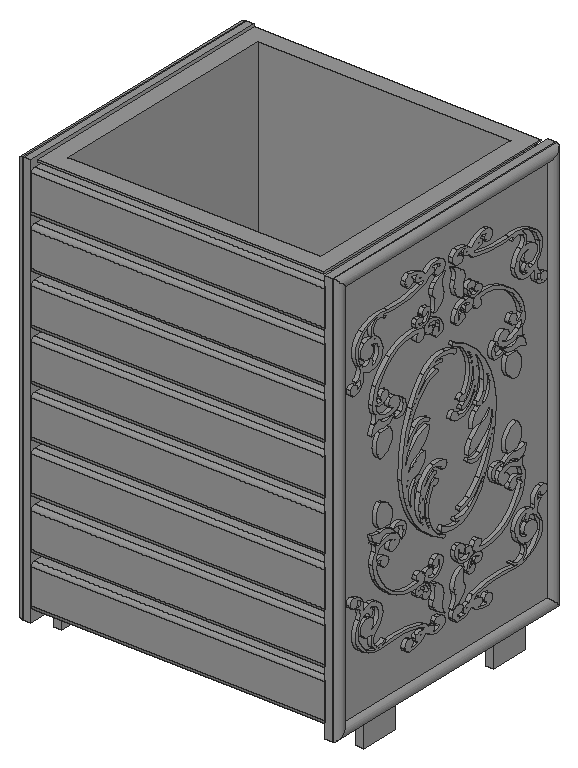
Revit family "Урна чугунная «Ампир КОМБИ-2» Арт 7292", category Антураж, Revit 2018 (continued)
Forms (mm)
  Extrusion 12, solid, material "Золото" <- "Цвет декоративных элементов"
    sketch origin (0, 0, 0) x (0, 1, 0) y (0, 0, 1)
      loop
        arc (30.147, 171.802) -> (36.117, 165.234) -> (35.675, 156.37) r 11.567
        arc (35.675, 156.37) -> (29.215, 136.105) -> (40.386, 118.006) r 25.466
        arc (40.386, 118.006) -> (59.816, 109.964) -> (80.846, 109.894) r 54.384
        arc (80.846, 109.894) -> (108.049, 109.924) -> (134.833, 105.171) r 154.094
        arc (134.833, 105.171) -> (137.639, 103.484) -> (139.136, 100.571) r 5.979
        arc (139.136, 100.571) -> (133.727, 100.749) -> (128.473, 99.451) r 19.74
        arc (128.473, 99.451) -> (126.263, 97.962) -> (125.441, 95.428) r 4.083
        arc (125.441, 95.428) -> (127.653, 91.524) -> (132.132, 91.247) r 4.708
        arc (132.132, 91.247) -> (123.476, 88.21) -> (114.343, 89.063) r 21.472
        arc (114.343, 89.063) -> (118.042, 89.368) -> (120.743, 91.912) r 5.621
        arc (120.743, 91.912) -> (120.167, 96.732) -> (115.914, 99.072) r 5.313
        arc (115.914, 99.072) -> (110.306, 96.315) -> (109.416, 90.129) r 6.696
        arc (109.416, 90.129) -> (112.371, 86.253) -> (117.025, 84.802) r 8.023
        arc (117.025, 84.802) -> (130.935, 87.621) -> (142.753, 95.481) r 36.903
        arc (142.753, 95.481) -> (153.13, 89.094) -> (165.289, 88.306) r 25.27
        arc (165.289, 88.306) -> (169.343, 90.163) -> (172.003, 93.742) r 8.978
        arc (172.003, 93.742) -> (172.483, 98.226) -> (170.498, 102.275) r 8.121
        arc (170.498, 102.275) -> (165.988, 105.131) -> (160.652, 105.273) r 10.042
        arc (160.652, 105.273) -> (157.988, 103.822) -> (157.069, 100.932) r 4.066
        arc (157.069, 100.932) -> (161.342, 96.449) -> (166.573, 99.765) r 4.881
      loop
        arc (138.034, 97.051) -> (133.963, 97.023) -> (130.041, 95.928) r 15.378
        arc (130.041, 95.928) -> (129.634, 95.261) -> (130.13, 94.656) r 0.675
        arc (130.13, 94.656) -> (134.164, 95.584) -> (138.034, 97.051) r 30.347
      loop
        line (146.348, 98.208) -> (150.895, 95.648)
        arc (150.895, 95.648) -> (151.643, 95.958) -> (151.953, 96.706) r 1.058
        arc (151.953, 96.706) -> (149.322, 98.097) -> (146.348, 98.208) r 6.689
    from 0 to -6.5
  Extrusion 13, solid, material "Золото" <- "Цвет декоративных элементов"
    sketch origin (400, 0, 0) x (0, 1, 0) y (0, 0, -1)
      loop
        arc (185.834, -498.716) -> (192.995, -494.928) -> (199.638, -490.29) r 65.913
        arc (199.638, -490.29) -> (202.217, -488.112) -> (204.077, -485.294) r 11.837
        arc (204.077, -485.294) -> (204.979, -481.044) -> (203.888, -476.838) r 9.476
        arc (203.888, -476.838) -> (201.532, -467.31) -> (203.888, -457.781) r 20.439
        arc (203.888, -457.781) -> (190.445, -465.776) -> (189.206, -481.368) r 17.017
        arc (189.206, -481.368) -> (190.016, -490.527) -> (185.834, -498.716) r 16.622
      loop
        arc (172.569, -500.722) -> (168.386, -492.534) -> (169.197, -483.375) r 16.622
        arc (169.197, -483.375) -> (167.958, -467.782) -> (154.514, -459.788) r 17.017
        arc (154.514, -459.788) -> (156.871, -469.316) -> (154.514, -478.844) r 20.439
        arc (154.514, -478.844) -> (153.424, -483.05) -> (154.325, -487.3) r 9.476
        arc (154.325, -487.3) -> (156.185, -490.118) -> (158.765, -492.296) r 11.837
        arc (158.765, -492.296) -> (165.407, -496.934) -> (172.569, -500.722) r 65.913
      loop
        arc (185.834, -103.188) -> (190.016, -111.377) -> (189.206, -120.536) r 16.622
        arc (189.206, -120.536) -> (190.445, -136.128) -> (203.888, -144.123) r 17.017
        arc (203.888, -144.123) -> (201.532, -134.595) -> (203.888, -125.067) r 20.439
        arc (203.888, -125.067) -> (204.979, -120.861) -> (204.077, -116.61) r 9.476
        arc (204.077, -116.61) -> (202.217, -113.793) -> (199.638, -111.615) r 11.837
        arc (199.638, -111.615) -> (192.995, -106.977) -> (185.834, -103.188) r 65.913
      loop
        arc (172.569, -105.195) -> (165.407, -108.983) -> (158.765, -113.621) r 65.913
        arc (158.765, -113.621) -> (156.185, -115.799) -> (154.325, -118.617) r 11.837
        arc (154.325, -118.617) -> (153.424, -122.867) -> (154.514, -127.073) r 9.476
        arc (154.514, -127.073) -> (156.871, -136.601) -> (154.514, -146.129) r 20.439
        arc (154.514, -146.129) -> (167.958, -138.135) -> (169.197, -122.543) r 17.017
        arc (169.197, -122.543) -> (168.386, -113.383) -> (172.569, -105.195) r 16.622
      loop
        arc (288.533, -356.732) -> (295.925, -341.781) -> (289.338, -326.459) r 19.893
        arc (289.338, -326.459) -> (273.247, -337.794) -> (273.794, -357.469) r 20.816
        line (273.794, -357.469) -> (288.533, -356.732)
      loop
        line (69.775, -358.734) -> (84.514, -359.471)
        arc (84.514, -359.471) -> (85.061, -339.795) -> (68.97, -328.46) r 20.816
        arc (68.97, -328.46) -> (62.383, -343.783) -> (69.775, -358.734) r 19.893
      loop
        line (288.533, -245.172) -> (273.794, -244.435)
        arc (273.794, -244.435) -> (273.247, -264.111) -> (289.338, -275.446) r 20.816
        arc (289.338, -275.446) -> (295.925, -260.123) -> (288.533, -245.172) r 19.893
      loop
        arc (69.775, -247.203) -> (62.383, -262.154) -> (68.97, -277.476) r 19.893
        arc (68.97, -277.476) -> (85.061, -266.141) -> (84.514, -246.466) r 20.816
        line (84.514, -246.466) -> (69.775, -247.203)
    from 0 to -6.5
  Extrusion 14, solid, material "Золото" <- "Цвет декоративных элементов"
    sketch origin (400, 0, 0) x (0, 1, 0) y (0, 0, -1)
      loop
        arc (188.489, -410.517) -> (235.161, -372.796) -> (254.524, -315.995) r 108.1
        arc (254.524, -315.995) -> (251.687, -276.85) -> (239.653, -239.492) r 164.429
        arc (239.653, -239.492) -> (230.701, -223.508) -> (219.336, -209.138) r 115.623
        arc (219.336, -209.138) -> (203.402, -198.482) -> (184.38, -196.114) r 41.54
        arc (184.38, -196.114) -> (176.084, -197.804) -> (168.236, -200.982) r 46.112
        arc (168.236, -200.982) -> (167.828, -204.662) -> (171.504, -205.105) r 2.631
        arc (171.504, -205.105) -> (195.424, -200.089) -> (217.42, -210.743) r 37.836
        arc (217.42, -210.743) -> (205.078, -203.437) -> (190.749, -202.812) r 29.514
        arc (190.749, -202.812) -> (189.966, -204.817) -> (191.855, -205.85) r 1.63
        arc (191.855, -205.85) -> (202.756, -205.597) -> (212.912, -209.563) r 27.757
        arc (212.912, -209.563) -> (219.793, -215.81) -> (225.746, -222.947) r 67.11
        arc (225.746, -222.947) -> (230.623, -229.503) -> (235.115, -236.329) r 141.91
        arc (235.115, -236.329) -> (239.072, -244.697) -> (242.409, -253.332) r 127.117
        arc (242.409, -253.332) -> (233.254, -236.355) -> (220.432, -221.946) r 83.116
        arc (220.432, -221.946) -> (210.391, -215.087) -> (198.94, -210.995) r 47.61
        arc (198.94, -210.995) -> (197.4, -213.516) -> (199.113, -215.922) r 2.681
        arc (199.113, -215.922) -> (206.198, -217.594) -> (212.567, -221.118) r 26.678
        arc (212.567, -221.118) -> (221.078, -228.344) -> (228.634, -236.565) r 90.453
        arc (228.634, -236.565) -> (237.536, -249.763) -> (243.987, -264.317) r 90.453
        arc (243.987, -264.317) -> (247.238, -275.43) -> (249.49, -286.787) r 130.245
        arc (249.49, -286.787) -> (243.273, -274.088) -> (234.153, -263.284) r 57.635
        arc (234.153, -263.284) -> (222.61, -258.595) -> (210.847, -262.701) r 17.644
        arc (210.847, -262.701) -> (211.061, -264.538) -> (212.898, -264.752) r 1.49
        arc (212.898, -264.752) -> (221.648, -262.267) -> (230.397, -264.752) r 16.645
        arc (230.397, -264.752) -> (238.715, -274.16) -> (245.092, -284.978) r 65.726
        arc (245.092, -284.978) -> (249.832, -301.49) -> (249.227, -318.658) r 54.798
        arc (249.227, -318.658) -> (247.778, -302.209) -> (240.29, -287.491) r 43.404
        arc (240.29, -287.491) -> (227.197, -276.096) -> (210.782, -270.455) r 45.344
        arc (210.782, -270.455) -> (212.48, -278.436) -> (217.042, -285.202) r 21.403
        arc (217.042, -285.202) -> (224.986, -293.247) -> (234.909, -298.666) r 38.861
        arc (234.909, -298.666) -> (242.198, -303.891) -> (245.794, -312.107) r 16.924
        arc (245.794, -312.107) -> (247.669, -320.673) -> (248.31, -329.418) r 61.704
        arc (248.31, -329.418) -> (245.991, -317.552) -> (239.416, -307.405) r 31.856
        arc (239.416, -307.405) -> (229.432, -300.393) -> (217.544, -297.648) r 31.856
        arc (217.544, -297.648) -> (218.511, -307.216) -> (223.92, -315.168) r 19.57
        arc (223.92, -315.168) -> (230.108, -319.229) -> (237.197, -321.359) r 25.71
        arc (237.197, -321.359) -> (243.906, -329.142) -> (245.201, -339.336) r 17.815
        arc (245.201, -339.336) -> (242.091, -350.503) -> (236.715, -360.772) r 55.11
        arc (236.715, -360.772) -> (240.292, -341.328) -> (232.751, -323.053) r 34.961
        arc (232.751, -323.053) -> (229.353, -321.046) -> (225.474, -321.77) r 5.614
        arc (225.474, -321.77) -> (224.872, -324.212) -> (227.313, -324.813) r 1.778
        arc (227.313, -324.813) -> (234.595, -334.411) -> (236.441, -346.316) r 24.58
        arc (236.441, -346.316) -> (232.996, -366.537) -> (221.007, -383.181) r 45.422
        arc (221.007, -383.181) -> (227.209, -363.314) -> (224.552, -342.672) r 48.714
        arc (224.552, -342.672) -> (217.056, -328.388) -> (203.331, -319.915) r 30.542
        arc (203.331, -319.915) -> (194.141, -319.19) -> (185.437, -322.223) r 22.421
        arc (185.437, -322.223) -> (185.371, -330.312) -> (192.613, -326.707) r 4.746
        arc (192.613, -326.707) -> (201.797, -322.896) -> (210.981, -326.707) r 12.971
        arc (210.981, -326.707) -> (218.724, -336.997) -> (223.347, -349.017) r 46.482
        arc (223.347, -349.017) -> (224.46, -362.615) -> (221.595, -375.955) r 46.708
        arc (221.595, -375.955) -> (223.725, -362.258) -> (221.595, -348.561) r 45.101
        arc (221.595, -348.561) -> (214.601, -336.118) -> (203.252, -327.46) r 35.314
        arc (203.252, -327.46) -> (200.124, -328.556) -> (201.221, -331.684) r 2.344
        arc (201.221, -331.684) -> (211.299, -339.311) -> (217.619, -350.256) r 31.864
        arc (217.619, -350.256) -> (218.761, -373.766) -> (207.428, -394.396) r 43.27
        arc (207.428, -394.396) -> (216.855, -367.231) -> (207.428, -340.067) r 43.852
        arc (207.428, -340.067) -> (202.014, -337.442) -> (196.6, -340.067) r 6.897
        arc (196.6, -340.067) -> (199.696, -344.278) -> (204.775, -343.042) r 4.713
        arc (204.775, -343.042) -> (213.053, -373.592) -> (198.087, -401.482) r 42.82
        arc (198.087, -401.482) -> (192.489, -405.274) -> (186.227, -407.822) r 32.432
        arc (186.227, -407.822) -> (186.293, -410.063) -> (188.489, -410.517) r 1.808
      loop
        arc (169.948, -193.377) -> (123.275, -231.098) -> (103.912, -287.899) r 108.1
        arc (103.912, -287.899) -> (106.749, -327.044) -> (118.783, -364.402) r 164.429
        arc (118.783, -364.402) -> (127.736, -380.386) -> (139.101, -394.756) r 115.623
        arc (139.101, -394.756) -> (155.034, -405.412) -> (174.056, -407.78) r 41.54
        arc (174.056, -407.78) -> (182.353, -406.09) -> (190.2, -402.912) r 46.112
        arc (190.2, -402.912) -> (190.608, -399.232) -> (186.932, -398.789) r 2.631
        arc (186.932, -398.789) -> (163.012, -403.805) -> (141.017, -393.151) r 37.836
        arc (141.017, -393.151) -> (153.358, -400.457) -> (167.687, -401.082) r 29.514
        arc (167.687, -401.082) -> (168.47, -399.077) -> (166.581, -398.044) r 1.63
        arc (166.581, -398.044) -> (155.681, -398.297) -> (145.524, -394.331) r 27.757
        arc (145.524, -394.331) -> (138.643, -388.084) -> (132.691, -380.947) r 67.11
        arc (132.691, -380.947) -> (127.813, -374.391) -> (123.321, -367.565) r 141.91
        arc (123.321, -367.565) -> (119.364, -359.197) -> (116.027, -350.562) r 127.117
        arc (116.027, -350.562) -> (125.182, -367.539) -> (138.004, -381.948) r 83.116
        arc (138.004, -381.948) -> (148.045, -388.807) -> (159.496, -392.899) r 47.61
        arc (159.496, -392.899) -> (161.036, -390.378) -> (159.323, -387.972) r 2.681
        arc (159.323, -387.972) -> (152.239, -386.3) -> (145.87, -382.777) r 26.678
        arc (145.87, -382.777) -> (137.359, -375.55) -> (129.803, -367.329) r 90.453
        arc (129.803, -367.329) -> (120.9, -354.131) -> (114.449, -339.577) r 90.453
        arc (114.449, -339.577) -> (111.198, -328.464) -> (108.947, -317.107) r 130.245
        arc (108.947, -317.107) -> (115.163, -329.806) -> (124.284, -340.61) r 57.635
        arc (124.284, -340.61) -> (135.316, -345.278) -> (146.788, -341.825) r 17.644
        arc (146.788, -341.825) -> (147.673, -339.781) -> (145.538, -339.142) r 1.49
        arc (145.538, -339.142) -> (136.789, -341.627) -> (128.039, -339.142) r 16.645
        arc (128.039, -339.142) -> (119.721, -329.734) -> (113.344, -318.916) r 65.726
        arc (113.344, -318.916) -> (108.604, -302.404) -> (109.209, -285.236) r 54.798
        arc (109.209, -285.236) -> (110.658, -301.685) -> (118.146, -316.403) r 43.404
        arc (118.146, -316.403) -> (131.239, -327.798) -> (147.654, -333.439) r 45.344
        arc (147.654, -333.439) -> (145.956, -325.458) -> (141.394, -318.692) r 21.403
        arc (141.394, -318.692) -> (133.451, -310.647) -> (123.527, -305.228) r 38.861
        arc (123.527, -305.228) -> (116.238, -300.003) -> (112.642, -291.787) r 16.924
        arc (112.642, -291.787) -> (110.768, -283.221) -> (110.126, -274.476) r 61.704
        arc (110.126, -274.476) -> (112.446, -286.342) -> (119.02, -296.489) r 31.856
        arc (119.02, -296.489) -> (129.004, -303.501) -> (140.893, -306.246) r 31.856
        arc (140.893, -306.246) -> (139.925, -296.678) -> (134.516, -288.726) r 19.57
        arc (134.516, -288.726) -> (128.328, -284.665) -> (121.24, -282.535) r 25.71
        arc (121.24, -282.535) -> (114.53, -274.752) -> (113.236, -264.558) r 17.815
        arc (113.236, -264.558) -> (116.345, -253.392) -> (121.721, -243.123) r 55.11
        arc (121.721, -243.123) -> (118.144, -262.566) -> (125.686, -280.841) r 34.961
        arc (125.686, -280.841) -> (129.083, -282.848) -> (132.963, -282.124) r 5.614
        arc (132.963, -282.124) -> (133.564, -279.682) -> (131.123, -279.081) r 1.778
        arc (131.123, -279.081) -> (123.842, -269.483) -> (121.996, -257.578) r 24.58
        arc (121.996, -257.578) -> (125.44, -237.357) -> (137.429, -220.713) r 45.422
        arc (137.429, -220.713) -> (131.228, -240.58) -> (133.885, -261.222) r 48.714
        arc (133.885, -261.222) -> (141.38, -275.506) -> (155.106, -283.979) r 30.542
        arc (155.106, -283.979) -> (164.295, -284.705) -> (172.999, -281.672) r 22.421
        arc (172.999, -281.672) -> (173.065, -273.582) -> (165.823, -277.187) r 4.746
        arc (165.823, -277.187) -> (156.639, -280.998) -> (147.456, -277.187) r 12.971
        arc (147.456, -277.187) -> (139.712, -266.897) -> (135.089, -254.877) r 46.482
        arc (135.089, -254.877) -> (133.977, -241.279) -> (136.841, -227.94) r 46.708
        arc (136.841, -227.94) -> (134.711, -241.636) -> (136.841, -255.333) r 45.101
        arc (136.841, -255.333) -> (143.836, -267.776) -> (155.184, -276.434) r 35.314
        arc (155.184, -276.434) -> (158.312, -275.338) -> (157.216, -272.21) r 2.344
        arc (157.216, -272.21) -> (147.138, -264.583) -> (140.818, -253.638) r 31.864
        arc (140.818, -253.638) -> (139.675, -230.128) -> (151.008, -209.499) r 43.27
        arc (151.008, -209.499) -> (141.581, -236.663) -> (151.008, -263.827) r 43.852
        arc (151.008, -263.827) -> (156.422, -266.452) -> (161.837, -263.827) r 6.897
        arc (161.837, -263.827) -> (158.74, -259.616) -> (153.662, -260.852) r 4.713
        arc (153.662, -260.852) -> (145.383, -230.302) -> (160.349, -202.412) r 42.82
        arc (160.349, -202.412) -> (165.947, -198.62) -> (172.209, -196.072) r 32.432
        arc (172.209, -196.072) -> (172.143, -193.831) -> (169.948, -193.377) r 1.808
    from 0 to -6.5
  Extrusion 15, solid, material "Золото" <- "Цвет декоративных элементов"
    sketch origin (400, 0, 0) x (0, 1, 0) y (0, 0, -1)
      loop
        arc (297.658, -380.706) -> (296.519, -375.21) -> (299.634, -370.54) r 7.27
        arc (299.634, -370.54) -> (295.629, -372.783) -> (291.332, -374.397) r 30.386
        arc (291.332, -374.397) -> (277.339, -369.755) -> (262.926, -372.854) r 28.032
        arc (262.926, -372.854) -> (259.974, -384.94) -> (271.549, -389.503) r 9.462
        arc (271.549, -389.503) -> (275.459, -383.961) -> (271.549, -378.419) r 5.883
        arc (271.549, -378.419) -> (267.679, -379.011) -> (266.043, -382.568) r 4.13
        arc (266.043, -382.568) -> (264.941, -380.175) -> (266.043, -377.782) r 3.15
        arc (266.043, -377.782) -> (280.194, -374.592) -> (293.153, -381.11) r 21.515
        arc (293.153, -381.11) -> (296.688, -386.491) -> (298.103, -392.771) r 18.005
        arc (298.103, -392.771) -> (288.521, -388.817) -> (278.938, -392.771) r 13.587
        arc (278.938, -392.771) -> (276.944, -398.545) -> (281.558, -402.548) r 5.454
        arc (281.558, -402.548) -> (285.643, -401.638) -> (288.252, -398.365) r 6.287
        arc (288.252, -398.365) -> (288.11, -395.25) -> (285.865, -393.084) r 4.215
        arc (285.865, -393.084) -> (292.82, -392.061) -> (296.507, -398.047) r 6.391
        arc (296.507, -398.047) -> (271.474, -435.66) -> (227.222, -444.78) r 59.397
        arc (227.222, -444.78) -> (226.078, -444.274) -> (225.276, -443.313) r 2.751
        arc (225.276, -443.313) -> (230.494, -441.702) -> (230.223, -436.248) r 4.45
        arc (230.223, -436.248) -> (226.649, -434.767) -> (222.845, -435.473) r 6.807
        arc (222.845, -435.473) -> (219.595, -438.452) -> (218.342, -442.679) r 8.254
        arc (218.342, -442.679) -> (219.954, -447.234) -> (224.16, -449.613) r 6.896
        arc (224.16, -449.613) -> (250.454, -448.69) -> (274.492, -437.993) r 69.005
        arc (274.492, -437.993) -> (286.919, -426.807) -> (296.266, -412.945) r 68.502
        arc (296.266, -412.945) -> (299.973, -403.389) -> (301.69, -393.284) r 50.895
        arc (301.69, -393.284) -> (300.594, -386.7) -> (297.658, -380.706) r 23.053
      loop
        arc (60.741, -382.713) -> (57.805, -388.707) -> (56.709, -395.291) r 23.053
        arc (56.709, -395.291) -> (58.426, -405.396) -> (62.133, -414.951) r 50.895
        arc (62.133, -414.951) -> (71.48, -428.814) -> (83.907, -440) r 68.502
        arc (83.907, -440) -> (107.945, -450.697) -> (134.239, -451.62) r 69.005
        arc (134.239, -451.62) -> (138.445, -449.241) -> (140.057, -444.686) r 6.896
        arc (140.057, -444.686) -> (138.804, -440.459) -> (135.554, -437.48) r 8.254
        arc (135.554, -437.48) -> (131.75, -436.774) -> (128.177, -438.255) r 6.807
        arc (128.177, -438.255) -> (127.906, -443.709) -> (133.123, -445.32) r 4.45
        arc (133.123, -445.32) -> (132.321, -446.281) -> (131.177, -446.787) r 2.751
        arc (131.177, -446.787) -> (86.925, -437.666) -> (61.892, -400.053) r 59.397
        arc (61.892, -400.053) -> (65.579, -394.068) -> (72.534, -395.091) r 6.391
        arc (72.534, -395.091) -> (70.289, -397.256) -> (70.147, -400.372) r 4.215
        arc (70.147, -400.372) -> (72.756, -403.645) -> (76.841, -404.555) r 6.287
        arc (76.841, -404.555) -> (81.455, -400.552) -> (79.461, -394.778) r 5.454
        arc (79.461, -394.778) -> (69.878, -390.823) -> (60.296, -394.778) r 13.587
        arc (60.296, -394.778) -> (61.711, -388.498) -> (65.246, -383.117) r 18.005
        arc (65.246, -383.117) -> (78.205, -376.599) -> (92.356, -379.788) r 21.515
        arc (92.356, -379.788) -> (93.458, -382.182) -> (92.356, -384.575) r 3.15
        arc (92.356, -384.575) -> (90.72, -381.018) -> (86.85, -380.426) r 4.13
        arc (86.85, -380.426) -> (82.94, -385.968) -> (86.85, -391.51) r 5.883
        arc (86.85, -391.51) -> (98.425, -386.947) -> (95.473, -374.861) r 9.462
        arc (95.473, -374.861) -> (81.06, -371.762) -> (67.067, -376.404) r 28.032
        arc (67.067, -376.404) -> (62.77, -374.79) -> (58.765, -372.547) r 30.386
        arc (58.765, -372.547) -> (61.88, -377.217) -> (60.741, -382.713) r 7.27
      loop
        arc (297.658, -221.199) -> (300.594, -215.204) -> (301.69, -208.62) r 23.053
        arc (301.69, -208.62) -> (299.973, -198.516) -> (296.266, -188.96) r 50.895
        arc (296.266, -188.96) -> (286.919, -175.097) -> (274.492, -163.912) r 68.502
        arc (274.492, -163.912) -> (250.454, -153.214) -> (224.16, -152.292) r 69.005
        arc (224.16, -152.292) -> (219.954, -154.67) -> (218.342, -159.225) r 6.896
        arc (218.342, -159.225) -> (219.595, -163.452) -> (222.845, -166.431) r 8.254
        arc (222.845, -166.431) -> (226.649, -167.137) -> (230.223, -165.656) r 6.807
        arc (230.223, -165.656) -> (230.494, -160.202) -> (225.276, -158.591) r 4.45
        arc (225.276, -158.591) -> (226.078, -157.631) -> (227.222, -157.125) r 2.751
        arc (227.222, -157.125) -> (271.474, -166.245) -> (296.507, -203.858) r 59.397
        arc (296.507, -203.858) -> (292.82, -209.843) -> (285.865, -208.82) r 6.391
        arc (285.865, -208.82) -> (288.11, -206.655) -> (288.252, -203.539) r 4.215
        arc (288.252, -203.539) -> (285.643, -200.266) -> (281.558, -199.356) r 6.287
        arc (281.558, -199.356) -> (276.944, -203.359) -> (278.938, -209.133) r 5.454
        arc (278.938, -209.133) -> (288.521, -213.088) -> (298.103, -209.133) r 13.587
        arc (298.103, -209.133) -> (296.688, -215.413) -> (293.153, -220.794) r 18.005
        arc (293.153, -220.794) -> (280.194, -227.312) -> (266.043, -224.123) r 21.515
        arc (266.043, -224.123) -> (264.941, -221.73) -> (266.043, -219.337) r 3.15
        arc (266.043, -219.337) -> (267.679, -222.893) -> (271.549, -223.486) r 4.13
        arc (271.549, -223.486) -> (275.459, -217.944) -> (271.549, -212.401) r 5.883
        arc (271.549, -212.401) -> (259.974, -216.964) -> (262.926, -229.051) r 9.462
        arc (262.926, -229.051) -> (277.339, -232.15) -> (291.332, -227.507) r 28.032
        arc (291.332, -227.507) -> (295.629, -229.121) -> (299.634, -231.364) r 30.386
        arc (299.634, -231.364) -> (296.519, -226.695) -> (297.658, -221.199) r 7.27
      loop
        arc (60.741, -223.208) -> (61.88, -228.704) -> (58.765, -233.373) r 7.27
        arc (58.765, -233.373) -> (62.77, -231.13) -> (67.067, -229.516) r 30.386
        arc (67.067, -229.516) -> (81.06, -234.159) -> (95.473, -231.06) r 28.032
        arc (95.473, -231.06) -> (98.425, -218.973) -> (86.85, -214.411) r 9.462
        arc (86.85, -214.411) -> (82.94, -219.953) -> (86.85, -225.495) r 5.883
        arc (86.85, -225.495) -> (90.72, -224.902) -> (92.356, -221.346) r 4.13
        arc (92.356, -221.346) -> (93.458, -223.739) -> (92.356, -226.132) r 3.15
        arc (92.356, -226.132) -> (78.205, -229.322) -> (65.246, -222.803) r 21.515
        arc (65.246, -222.803) -> (61.711, -217.423) -> (60.296, -211.142) r 18.005
        arc (60.296, -211.142) -> (69.878, -215.097) -> (79.461, -211.142) r 13.587
        arc (79.461, -211.142) -> (81.455, -205.369) -> (76.841, -201.366) r 5.454
        arc (76.841, -201.366) -> (72.756, -202.276) -> (70.147, -205.548) r 6.287
        arc (70.147, -205.548) -> (70.289, -208.664) -> (72.534, -210.83) r 4.215
        arc (72.534, -210.83) -> (65.579, -211.852) -> (61.892, -205.867) r 6.391
        arc (61.892, -205.867) -> (86.925, -168.254) -> (131.177, -159.134) r 59.397
        arc (131.177, -159.134) -> (132.321, -159.64) -> (133.123, -160.601) r 2.751
        arc (133.123, -160.601) -> (127.906, -162.211) -> (128.177, -167.665) r 4.45
        arc (128.177, -167.665) -> (131.75, -169.146) -> (135.554, -168.441) r 6.807
        arc (135.554, -168.441) -> (138.804, -165.462) -> (140.057, -161.235) r 8.254
        arc (140.057, -161.235) -> (138.445, -156.68) -> (134.239, -154.301) r 6.896
        arc (134.239, -154.301) -> (107.945, -155.224) -> (83.907, -165.921) r 69.005
        arc (83.907, -165.921) -> (71.48, -177.106) -> (62.133, -190.969) r 68.502
        arc (62.133, -190.969) -> (58.426, -200.525) -> (56.709, -210.63) r 50.895
        arc (56.709, -210.63) -> (57.805, -217.214) -> (60.741, -223.208) r 23.053
    from 0 to -6.5
  Extrusion 16, solid, material "Золото" <- "Цвет декоративных элементов"
    sketch origin (400, 0, 0) x (0, 1, 0) y (0, 0, -1)
      loop
        arc (215.256, -464.397) -> (214.528, -465.751) -> (213.1, -465.182) r 1.155
        arc (213.1, -465.182) -> (212.862, -457.523) -> (218.536, -452.373) r 9.143
        arc (218.536, -452.373) -> (224.588, -452.35) -> (229.592, -455.753) r 10.217
        arc (229.592, -455.753) -> (228.706, -457.112) -> (227.26, -456.378) r 1.214
        arc (227.26, -456.378) -> (224.048, -455.389) -> (221.676, -457.77) r 3.251
        arc (221.676, -457.77) -> (221.855, -459.581) -> (223.127, -460.882) r 2.742
        arc (223.127, -460.882) -> (226.169, -461.675) -> (229.276, -461.204) r 7.801
        arc (229.276, -461.204) -> (231.638, -459.512) -> (232.802, -456.85) r 5.478
        arc (232.802, -456.85) -> (232.5, -453.91) -> (230.842, -451.464) r 6.056
        arc (230.842, -451.464) -> (225.888, -449.784) -> (220.657, -449.851) r 15.478
        arc (220.657, -449.851) -> (212.204, -454.82) -> (208.92, -464.059) r 14.34
        arc (208.92, -464.059) -> (211.909, -468.573) -> (217.272, -469.314) r 6.575
        arc (217.272, -469.314) -> (220.532, -466.884) -> (221.434, -462.919) r 5.875
        arc (221.434, -462.919) -> (219.618, -461.101) -> (217.048, -461.057) r 3.428
        arc (217.048, -461.057) -> (215.532, -462.394) -> (215.256, -464.397) r 2.903
      loop
        arc (215.424, -450.105) -> (218.529, -444.706) -> (216.021, -439.004) r 6.903
        arc (216.021, -439.004) -> (212.583, -437.324) -> (208.757, -437.373) r 8.261
        arc (208.757, -437.373) -> (206.619, -438.819) -> (205.905, -441.299) r 3.785
        arc (205.905, -441.299) -> (206.816, -443.501) -> (209.018, -444.412) r 3.113
        arc (209.018, -444.412) -> (210.534, -444.28) -> (212.004, -443.886) r 8.73
        arc (212.004, -443.886) -> (213.568, -444.305) -> (213.709, -445.919) r 1.412
        arc (213.709, -445.919) -> (207.552, -449.204) -> (200.59, -448.708) r 12.6
        arc (200.59, -448.708) -> (195.851, -445.441) -> (193.275, -440.293) r 11.556
        arc (193.275, -440.293) -> (193.306, -436.166) -> (195.087, -432.444) r 9.475
        arc (195.087, -432.444) -> (197.359, -432.137) -> (197.052, -434.409) r 1.441
        arc (197.052, -434.409) -> (196.869, -437.359) -> (198.979, -439.429) r 3.558
        arc (198.979, -439.429) -> (202.092, -439.318) -> (204.258, -437.078) r 4.166
        arc (204.258, -437.078) -> (204.515, -433.439) -> (202.58, -430.347) r 5.89
        arc (202.58, -430.347) -> (198.215, -428.29) -> (193.402, -428.639) r 9.515
        arc (193.402, -428.639) -> (191.191, -430.195) -> (189.635, -432.406) r 7.888
        arc (189.635, -432.406) -> (189.947, -439.991) -> (193.702, -446.588) r 16.089
        arc (193.702, -446.588) -> (200.062, -450.936) -> (207.657, -452.226) r 18.004
        arc (207.657, -452.226) -> (211.709, -451.781) -> (215.424, -450.105) r 13.023
      loop
        arc (254.774, -383.049) -> (252.623, -374.624) -> (255.164, -366.309) r 16.11
        arc (255.164, -366.309) -> (261.749, -364.717) -> (268.464, -365.612) r 18.428
        arc (268.464, -365.612) -> (260.292, -361.784) -> (251.436, -363.521) r 14.526
        arc (251.436, -363.521) -> (249.216, -373.95) -> (254.774, -383.049) r 14.407
      loop
        arc (303.225, -357.799) -> (296.265, -360.374) -> (288.851, -360.68) r 23.807
        arc (288.851, -360.68) -> (276.529, -361.573) -> (266.92, -369.337) r 20.658
        line (266.92, -369.337) -> (273.206, -367.97)
        arc (273.206, -367.97) -> (282.693, -366.354) -> (290.657, -371.757) r 12.896
        arc (290.657, -371.757) -> (299.78, -367.334) -> (303.225, -357.799) r 13.456
      loop
        arc (143.314, -466.44) -> (143.038, -464.437) -> (141.521, -463.1) r 2.903
        arc (141.521, -463.1) -> (138.952, -463.144) -> (137.135, -464.962) r 3.428
        arc (137.135, -464.962) -> (138.037, -468.927) -> (141.298, -471.357) r 5.875
        arc (141.298, -471.357) -> (146.661, -470.615) -> (149.65, -466.101) r 6.575
        arc (149.65, -466.101) -> (146.366, -456.862) -> (137.913, -451.893) r 14.34
        arc (137.913, -451.893) -> (132.682, -451.827) -> (127.728, -453.506) r 15.478
        arc (127.728, -453.506) -> (126.07, -455.953) -> (125.768, -458.893) r 6.056
        arc (125.768, -458.893) -> (126.932, -461.555) -> (129.293, -463.247) r 5.478
        arc (129.293, -463.247) -> (132.401, -463.718) -> (135.443, -462.925) r 7.801
        arc (135.443, -462.925) -> (136.715, -461.624) -> (136.893, -459.813) r 2.742
        arc (136.893, -459.813) -> (134.522, -457.431) -> (131.31, -458.421) r 3.251
        arc (131.31, -458.421) -> (129.864, -459.155) -> (128.978, -457.796) r 1.214
        arc (128.978, -457.796) -> (133.982, -454.392) -> (140.033, -454.416) r 10.217
        arc (140.033, -454.416) -> (145.707, -459.566) -> (145.47, -467.225) r 9.143
        arc (145.47, -467.225) -> (144.042, -467.794) -> (143.314, -466.44) r 1.155
      loop
        arc (143.146, -452.148) -> (146.861, -453.824) -> (150.913, -454.269) r 13.023
        arc (150.913, -454.269) -> (158.508, -452.978) -> (164.868, -448.631) r 18.004
        arc (164.868, -448.631) -> (168.623, -442.033) -> (168.935, -434.449) r 16.089
        arc (168.935, -434.449) -> (167.379, -432.237) -> (165.167, -430.682) r 7.888
        arc (165.167, -430.682) -> (160.355, -430.333) -> (155.99, -432.389) r 9.515
        arc (155.99, -432.389) -> (154.055, -435.482) -> (154.312, -439.121) r 5.89
        arc (154.312, -439.121) -> (156.477, -441.361) -> (159.591, -441.471) r 4.166
        arc (159.591, -441.471) -> (161.7, -439.401) -> (161.518, -436.451) r 3.558
        arc (161.518, -436.451) -> (161.211, -434.179) -> (163.482, -434.487) r 1.441
        arc (163.482, -434.487) -> (165.264, -438.209) -> (165.294, -442.336) r 9.475
        arc (165.294, -442.336) -> (162.719, -447.483) -> (157.98, -450.75) r 11.556
        arc (157.98, -450.75) -> (151.018, -451.247) -> (144.86, -447.962) r 12.6
        arc (144.86, -447.962) -> (145.001, -446.348) -> (146.566, -445.929) r 1.412
        arc (146.566, -445.929) -> (148.036, -446.323) -> (149.552, -446.455) r 8.73
        arc (149.552, -446.455) -> (151.753, -445.543) -> (152.665, -443.342) r 3.113
        arc (152.665, -443.342) -> (151.951, -440.861) -> (149.813, -439.416) r 3.785
        arc (149.813, -439.416) -> (145.986, -439.366) -> (142.548, -441.047) r 8.261
        arc (142.548, -441.047) -> (140.041, -446.748) -> (143.146, -452.148) r 6.903
      loop
        arc (103.796, -385.092) -> (109.354, -375.992) -> (107.133, -365.564) r 14.407
        arc (107.133, -365.564) -> (98.278, -363.827) -> (90.105, -367.655) r 14.526
        arc (90.105, -367.655) -> (96.821, -366.76) -> (103.406, -368.352) r 18.428
        arc (103.406, -368.352) -> (105.947, -376.667) -> (103.796, -385.092) r 16.11
      loop
        arc (55.344, -359.842) -> (58.79, -369.376) -> (67.913, -373.8) r 13.456
        arc (67.913, -373.8) -> (75.877, -368.397) -> (85.364, -370.013) r 12.896
        line (85.364, -370.013) -> (91.65, -371.38)
        arc (91.65, -371.38) -> (82.041, -363.615) -> (69.719, -362.723) r 20.658
        arc (69.719, -362.723) -> (62.304, -362.416) -> (55.344, -359.842) r 23.807
      loop
        arc (215.256, -137.507) -> (215.532, -139.51) -> (217.048, -140.847) r 2.903
        arc (217.048, -140.847) -> (219.618, -140.803) -> (221.434, -138.985) r 3.428
        arc (221.434, -138.985) -> (220.532, -135.02) -> (217.272, -132.59) r 5.875
        arc (217.272, -132.59) -> (211.909, -133.332) -> (208.92, -137.846) r 6.575
        arc (208.92, -137.846) -> (212.204, -147.085) -> (220.657, -152.054) r 14.34
        arc (220.657, -152.054) -> (225.888, -152.12) -> (230.842, -150.441) r 15.478
        arc (230.842, -150.441) -> (232.5, -147.994) -> (232.802, -145.054) r 6.056
        arc (232.802, -145.054) -> (231.638, -142.393) -> (229.276, -140.7) r 5.478
        arc (229.276, -140.7) -> (226.169, -140.229) -> (223.127, -141.023) r 7.801
        arc (223.127, -141.023) -> (221.855, -142.323) -> (221.676, -144.134) r 2.742
        arc (221.676, -144.134) -> (224.048, -146.516) -> (227.26, -145.526) r 3.251
        arc (227.26, -145.526) -> (228.706, -144.793) -> (229.592, -146.151) r 1.214
        arc (229.592, -146.151) -> (224.588, -149.555) -> (218.536, -149.531) r 10.217
        arc (218.536, -149.531) -> (212.862, -144.381) -> (213.1, -136.723) r 9.143
        arc (213.1, -136.723) -> (214.528, -136.153) -> (215.256, -137.507) r 1.155
      loop
        arc (215.424, -151.799) -> (211.709, -150.123) -> (207.657, -149.678) r 13.023
        arc (207.657, -149.678) -> (200.062, -150.969) -> (193.702, -155.316) r 18.004
        arc (193.702, -155.316) -> (189.947, -161.914) -> (189.635, -169.499) r 16.089
        arc (189.635, -169.499) -> (191.191, -171.71) -> (193.402, -173.266) r 7.888
        arc (193.402, -173.266) -> (198.215, -173.614) -> (202.58, -171.558) r 9.515
        arc (202.58, -171.558) -> (204.515, -168.465) -> (204.258, -164.826) r 5.89
        arc (204.258, -164.826) -> (202.092, -162.587) -> (198.979, -162.476) r 4.166
        arc (198.979, -162.476) -> (196.869, -164.546) -> (197.052, -167.496) r 3.558
        arc (197.052, -167.496) -> (197.359, -169.768) -> (195.087, -169.46) r 1.441
        arc (195.087, -169.46) -> (193.306, -165.738) -> (193.275, -161.611) r 9.475
        arc (193.275, -161.611) -> (195.851, -156.464) -> (200.59, -153.197) r 11.556
        arc (200.59, -153.197) -> (207.552, -152.701) -> (213.709, -155.986) r 12.6
        arc (213.709, -155.986) -> (213.568, -157.599) -> (212.004, -158.019) r 1.412
        arc (212.004, -158.019) -> (210.534, -157.625) -> (209.018, -157.492) r 8.73
        arc (209.018, -157.492) -> (206.816, -158.404) -> (205.905, -160.605) r 3.113
        arc (205.905, -160.605) -> (206.619, -163.086) -> (208.757, -164.532) r 3.785
        arc (208.757, -164.532) -> (212.583, -164.581) -> (216.021, -162.901) r 8.261
        arc (216.021, -162.901) -> (218.529, -157.199) -> (215.424, -151.799) r 6.903
      loop
        arc (254.774, -218.855) -> (249.216, -227.955) -> (251.436, -238.383) r 14.407
        arc (251.436, -238.383) -> (260.292, -240.12) -> (268.464, -236.293) r 14.526
        arc (268.464, -236.293) -> (261.749, -237.188) -> (255.164, -235.596) r 18.428
        arc (255.164, -235.596) -> (252.623, -227.28) -> (254.774, -218.855) r 16.11
      loop
        arc (303.225, -244.105) -> (299.78, -234.571) -> (290.657, -230.147) r 13.456
        arc (290.657, -230.147) -> (282.693, -235.55) -> (273.206, -233.934) r 12.896
        line (273.206, -233.934) -> (266.92, -232.567)
        arc (266.92, -232.567) -> (276.529, -240.332) -> (288.851, -241.224) r 20.658
        arc (288.851, -241.224) -> (296.265, -241.531) -> (303.225, -244.105) r 23.807
      loop
        arc (143.314, -139.661) -> (144.042, -138.307) -> (145.47, -138.876) r 1.155
        arc (145.47, -138.876) -> (145.707, -146.535) -> (140.033, -151.684) r 9.143
        arc (140.033, -151.684) -> (133.982, -151.708) -> (128.978, -148.304) r 10.217
        arc (128.978, -148.304) -> (129.864, -146.946) -> (131.31, -147.68) r 1.214
        arc (131.31, -147.68) -> (134.522, -148.669) -> (136.893, -146.287) r 3.251
        arc (136.893, -146.287) -> (136.715, -144.477) -> (135.443, -143.176) r 2.742
        arc (135.443, -143.176) -> (132.401, -142.382) -> (129.293, -142.854) r 7.801
        arc (129.293, -142.854) -> (126.932, -144.546) -> (125.768, -147.208) r 5.478
        arc (125.768, -147.208) -> (126.07, -150.148) -> (127.728, -152.594) r 6.056
        arc (127.728, -152.594) -> (132.682, -154.274) -> (137.913, -154.207) r 15.478
        arc (137.913, -154.207) -> (146.366, -149.238) -> (149.65, -139.999) r 14.34
        arc (149.65, -139.999) -> (146.661, -135.485) -> (141.298, -134.744) r 6.575
        arc (141.298, -134.744) -> (138.037, -137.174) -> (137.135, -141.139) r 5.875
        arc (137.135, -141.139) -> (138.952, -142.956) -> (141.521, -143.001) r 3.428
        arc (141.521, -143.001) -> (143.038, -141.664) -> (143.314, -139.661) r 2.903
      loop
        arc (143.146, -153.952) -> (140.041, -159.352) -> (142.548, -165.054) r 6.903
        arc (142.548, -165.054) -> (145.986, -166.734) -> (149.813, -166.685) r 8.261
        arc (149.813, -166.685) -> (151.951, -165.239) -> (152.665, -162.759) r 3.785
        arc (152.665, -162.759) -> (151.753, -160.557) -> (149.552, -159.645) r 3.113
        arc (149.552, -159.645) -> (148.036, -159.778) -> (146.566, -160.172) r 8.73
        arc (146.566, -160.172) -> (145.001, -159.753) -> (144.86, -158.139) r 1.412
        arc (144.86, -158.139) -> (151.018, -154.854) -> (157.98, -155.35) r 12.6
        arc (157.98, -155.35) -> (162.719, -158.617) -> (165.294, -163.765) r 11.556
        arc (165.294, -163.765) -> (165.264, -167.891) -> (163.482, -171.614) r 9.475
        arc (163.482, -171.614) -> (161.211, -171.921) -> (161.518, -169.649) r 1.441
        arc (161.518, -169.649) -> (161.7, -166.699) -> (159.591, -164.629) r 3.558
        arc (159.591, -164.629) -> (156.477, -164.74) -> (154.312, -166.979) r 4.166
        arc (154.312, -166.979) -> (154.055, -170.619) -> (155.99, -173.711) r 5.89
        arc (155.99, -173.711) -> (160.355, -175.768) -> (165.167, -175.419) r 9.515
        arc (165.167, -175.419) -> (167.379, -173.863) -> (168.935, -171.652) r 7.888
        arc (168.935, -171.652) -> (168.623, -164.067) -> (164.868, -157.47) r 16.089
        arc (164.868, -157.47) -> (158.508, -153.122) -> (150.913, -151.831) r 18.004
        arc (150.913, -151.831) -> (146.861, -152.277) -> (143.146, -153.952) r 13.023
      loop
        arc (103.796, -221.009) -> (105.947, -229.434) -> (103.406, -237.749) r 16.11
        arc (103.406, -237.749) -> (96.821, -239.341) -> (90.105, -238.446) r 18.428
        arc (90.105, -238.446) -> (98.278, -242.274) -> (107.133, -240.537) r 14.526
        arc (107.133, -240.537) -> (109.354, -230.108) -> (103.796, -221.009) r 14.407
      loop
        arc (55.344, -246.259) -> (62.304, -243.684) -> (69.719, -243.377) r 23.807
        arc (69.719, -243.377) -> (82.041, -242.485) -> (91.65, -234.72) r 20.658
        line (91.65, -234.72) -> (85.364, -236.088)
        arc (85.364, -236.088) -> (75.877, -237.703) -> (67.913, -232.301) r 12.896
        arc (67.913, -232.301) -> (58.79, -236.724) -> (55.344, -246.259) r 13.456
    from 0 to -6.5
  Extrusion 17, solid, material "Золото" <- "Цвет декоративных элементов"
    sketch origin (400, 0, 0) x (0, 1, 0) y (0, 0, -1)
      loop
        arc (191.83, -504.146) -> (197.06, -507.461) -> (201.333, -502.979) r 4.881
        arc (201.333, -502.979) -> (200.414, -500.088) -> (197.751, -498.638) r 4.066
        arc (197.751, -498.638) -> (192.414, -498.779) -> (187.905, -501.636) r 10.042
        arc (187.905, -501.636) -> (185.919, -505.685) -> (186.4, -510.168) r 8.121
        arc (186.4, -510.168) -> (189.06, -513.748) -> (193.114, -515.605) r 8.978
        arc (193.114, -515.605) -> (205.273, -514.816) -> (215.649, -508.43) r 25.27
        arc (215.649, -508.43) -> (227.467, -516.29) -> (241.378, -519.109) r 36.903
        arc (241.378, -519.109) -> (246.032, -517.658) -> (248.986, -513.782) r 8.023
        arc (248.986, -513.782) -> (248.097, -507.596) -> (242.489, -504.838) r 6.696
        arc (242.489, -504.838) -> (238.235, -507.178) -> (237.659, -511.999) r 5.313
        arc (237.659, -511.999) -> (240.361, -514.542) -> (244.059, -514.848) r 5.621
        arc (244.059, -514.848) -> (234.926, -515.701) -> (226.271, -512.664) r 21.472
        arc (226.271, -512.664) -> (230.749, -512.387) -> (232.961, -508.483) r 4.708
        arc (232.961, -508.483) -> (232.14, -505.948) -> (229.93, -504.46) r 4.083
        arc (229.93, -504.46) -> (224.676, -503.162) -> (219.267, -503.339) r 19.74
        arc (219.267, -503.339) -> (220.763, -500.427) -> (223.569, -498.74) r 5.979
        arc (223.569, -498.74) -> (250.354, -493.986) -> (277.557, -494.017) r 154.094
        arc (277.557, -494.017) -> (298.586, -493.947) -> (318.017, -485.905) r 54.384
        arc (318.017, -485.905) -> (329.188, -467.805) -> (322.727, -447.541) r 25.466
        arc (322.727, -447.541) -> (322.286, -438.677) -> (328.255, -432.109) r 11.567
        arc (328.255, -432.109) -> (324.575, -431.68) -> (321.082, -432.916) r 8.196
        arc (321.082, -432.916) -> (322.313, -425.477) -> (328.795, -421.624) r 8.942
        arc (328.795, -421.624) -> (326.999, -425.12) -> (328.795, -428.617) r 4.301
        arc (328.795, -428.617) -> (333.679, -429.461) -> (337.374, -426.157) r 5.693
        arc (337.374, -426.157) -> (336.135, -419.963) -> (329.942, -418.725) r 5.693
        arc (329.942, -418.725) -> (319.789, -424.483) -> (318.254, -436.054) r 13.107
        arc (318.254, -436.054) -> (317.666, -438.758) -> (318.202, -441.473) r 6.814
        arc (318.202, -441.473) -> (312.855, -437.221) -> (306.339, -435.166) r 18.765
        arc (306.339, -435.166) -> (292.208, -439.618) -> (286.303, -453.206) r 17.856
        arc (286.303, -453.206) -> (289.267, -463.889) -> (297.036, -471.798) r 22.156
        arc (297.036, -471.798) -> (301.52, -478.087) -> (299.982, -485.656) r 9.689
        arc (299.982, -485.656) -> (291.557, -490.328) -> (282.69, -486.562) r 10.984
        line (282.69, -486.562) -> (280.769, -487.907)
        arc (280.769, -487.907) -> (286.591, -491.674) -> (293.498, -492.29) r 14.428
        arc (293.498, -492.29) -> (303.595, -482.734) -> (298.24, -469.904) r 12.237
        arc (298.24, -469.904) -> (306.323, -472.909) -> (314.744, -471.058) r 15.273
        arc (314.744, -471.058) -> (320.977, -458.183) -> (308.402, -451.366) r 10.355
        arc (308.402, -451.366) -> (301.146, -459.684) -> (310.617, -465.353) r 7.194
        arc (310.617, -465.353) -> (291.886, -454.632) -> (306.937, -439.163) r 13.655
        arc (306.937, -439.163) -> (302.499, -445.006) -> (307.187, -450.65) r 5.898
        arc (307.187, -450.65) -> (309.471, -444.255) -> (316.232, -444.899) r 5.529
        arc (316.232, -444.899) -> (324.903, -454.943) -> (325.549, -468.196) r 20.373
        arc (325.549, -468.196) -> (312.231, -486.794) -> (290.2, -492.948) r 34.445
        arc (290.2, -492.948) -> (254.303, -490.553) -> (218.807, -496.416) r 156.529
        arc (218.807, -496.416) -> (215.032, -498.921) -> (212.935, -502.938) r 9.087
        arc (212.935, -502.938) -> (208.744, -503.501) -> (204.815, -505.063) r 17.306
        arc (204.815, -505.063) -> (203.558, -506.265) -> (203.069, -507.933) r 3.36
        arc (203.069, -507.933) -> (204.956, -511.031) -> (208.558, -510.61) r 3.36
        arc (208.558, -510.61) -> (204.314, -512.875) -> (199.526, -513.344) r 12.339
        arc (199.526, -513.344) -> (193.799, -510.317) -> (191.83, -504.146) r 8.565
      loop
        arc (220.368, -506.859) -> (224.238, -508.327) -> (228.272, -509.255) r 30.347
        arc (228.272, -509.255) -> (228.769, -508.65) -> (228.361, -507.983) r 0.675
        arc (228.361, -507.983) -> (224.44, -506.887) -> (220.368, -506.859) r 15.378
      loop
        arc (212.054, -505.703) -> (209.081, -505.814) -> (206.45, -507.205) r 6.689
        arc (206.45, -507.205) -> (206.76, -507.953) -> (207.508, -508.263) r 1.058
        line (207.508, -508.263) -> (212.054, -505.703)
      loop
        arc (166.557, -506.123) -> (164.587, -512.294) -> (158.861, -515.322) r 8.565
        arc (158.861, -515.322) -> (154.073, -514.852) -> (149.828, -512.588) r 12.339
        arc (149.828, -512.588) -> (153.431, -513.009) -> (155.317, -509.911) r 3.36
        arc (155.317, -509.911) -> (154.829, -508.242) -> (153.572, -507.041) r 3.36
        arc (153.572, -507.041) -> (149.643, -505.479) -> (145.452, -504.916) r 17.306
        arc (145.452, -504.916) -> (143.355, -500.899) -> (139.58, -498.394) r 9.087
        arc (139.58, -498.394) -> (104.084, -492.53) -> (68.187, -494.926) r 156.529
        arc (68.187, -494.926) -> (46.155, -488.771) -> (32.837, -470.174) r 34.445
        arc (32.837, -470.174) -> (33.484, -456.92) -> (42.155, -446.876) r 20.373
        arc (42.155, -446.876) -> (48.915, -446.232) -> (51.2, -452.627) r 5.529
        arc (51.2, -452.627) -> (55.887, -446.983) -> (51.45, -441.14) r 5.898
        arc (51.45, -441.14) -> (66.501, -456.609) -> (47.769, -467.331) r 13.655
        arc (47.769, -467.331) -> (57.241, -461.662) -> (49.985, -453.343) r 7.194
        arc (49.985, -453.343) -> (37.41, -460.161) -> (43.642, -473.035) r 10.355
        arc (43.642, -473.035) -> (52.064, -474.886) -> (60.146, -471.881) r 15.273
        arc (60.146, -471.881) -> (54.792, -484.711) -> (64.889, -494.268) r 12.237
        arc (64.889, -494.268) -> (71.796, -493.652) -> (77.618, -489.885) r 14.428
        line (77.618, -489.885) -> (75.697, -488.54)
        arc (75.697, -488.54) -> (66.829, -492.305) -> (58.405, -487.633) r 10.984
        arc (58.405, -487.633) -> (56.866, -480.064) -> (61.35, -473.775) r 9.689
        arc (61.35, -473.775) -> (69.119, -465.867) -> (72.084, -455.184) r 22.156
        arc (72.084, -455.184) -> (66.179, -441.596) -> (52.048, -437.143) r 17.856
        arc (52.048, -437.143) -> (45.532, -439.199) -> (40.184, -443.451) r 18.765
        arc (40.184, -443.451) -> (40.721, -440.736) -> (40.133, -438.031) r 6.814
        arc (40.133, -438.031) -> (38.597, -426.461) -> (28.445, -420.702) r 13.107
        arc (28.445, -420.702) -> (22.251, -421.941) -> (21.013, -428.134) r 5.693
        arc (21.013, -428.134) -> (24.708, -431.438) -> (29.592, -430.594) r 5.693
        arc (29.592, -430.594) -> (31.388, -427.098) -> (29.592, -423.601) r 4.301
        arc (29.592, -423.601) -> (36.074, -427.454) -> (37.305, -434.894) r 8.942
        arc (37.305, -434.894) -> (33.812, -433.658) -> (30.131, -434.087) r 8.196
        arc (30.131, -434.087) -> (36.101, -440.655) -> (35.659, -449.519) r 11.567
        arc (35.659, -449.519) -> (29.199, -469.783) -> (40.37, -487.882) r 25.466
        arc (40.37, -487.882) -> (59.801, -495.925) -> (80.83, -495.994) r 54.384
        arc (80.83, -495.994) -> (108.033, -495.964) -> (134.817, -500.718) r 154.094
        arc (134.817, -500.718) -> (137.623, -502.405) -> (139.12, -505.317) r 5.979
        arc (139.12, -505.317) -> (133.711, -505.139) -> (128.457, -506.438) r 19.74
        arc (128.457, -506.438) -> (126.247, -507.926) -> (125.425, -510.461) r 4.083
        arc (125.425, -510.461) -> (127.638, -514.364) -> (132.116, -514.642) r 4.708
        arc (132.116, -514.642) -> (123.46, -517.678) -> (114.328, -516.826) r 21.472
        arc (114.328, -516.826) -> (118.026, -516.52) -> (120.727, -513.976) r 5.621
        arc (120.727, -513.976) -> (120.151, -509.156) -> (115.898, -506.816) r 5.313
        arc (115.898, -506.816) -> (110.29, -509.574) -> (109.4, -515.759) r 6.696
        arc (109.4, -515.759) -> (112.355, -519.636) -> (117.009, -521.087) r 8.023
        arc (117.009, -521.087) -> (130.919, -518.268) -> (142.737, -510.407) r 36.903
        arc (142.737, -510.407) -> (153.114, -516.794) -> (165.273, -517.583) r 25.27
        arc (165.273, -517.583) -> (169.327, -515.725) -> (171.987, -512.146) r 8.978
        arc (171.987, -512.146) -> (172.467, -507.662) -> (170.482, -503.613) r 8.121
        arc (170.482, -503.613) -> (165.972, -500.757) -> (160.636, -500.616) r 10.042
        arc (160.636, -500.616) -> (157.972, -502.066) -> (157.053, -504.956) r 4.066
        arc (157.053, -504.956) -> (161.326, -509.439) -> (166.557, -506.123) r 4.881
      loop
        arc (138.018, -508.837) -> (133.947, -508.865) -> (130.025, -509.96) r 15.378
        arc (130.025, -509.96) -> (129.618, -510.628) -> (130.114, -511.232) r 0.675
        arc (130.114, -511.232) -> (134.148, -510.305) -> (138.018, -508.837) r 30.347
      loop
        line (146.332, -507.68) -> (150.879, -510.24)
        arc (150.879, -510.24) -> (151.627, -509.93) -> (151.937, -509.182) r 1.058
        arc (151.937, -509.182) -> (149.306, -507.792) -> (146.332, -507.68) r 6.689
      loop
        arc (191.83, -97.759) -> (193.799, -91.588) -> (199.526, -88.56) r 8.565
        arc (199.526, -88.56) -> (204.314, -89.03) -> (208.558, -91.294) r 12.339
        arc (208.558, -91.294) -> (204.956, -90.873) -> (203.069, -93.971) r 3.36
        arc (203.069, -93.971) -> (203.558, -95.64) -> (204.815, -96.841) r 3.36
        arc (204.815, -96.841) -> (208.744, -98.403) -> (212.935, -98.966) r 17.306
        arc (212.935, -98.966) -> (215.032, -102.983) -> (218.807, -105.488) r 9.087
        arc (218.807, -105.488) -> (254.303, -111.352) -> (290.2, -108.957) r 156.529
        arc (290.2, -108.957) -> (312.231, -115.111) -> (325.549, -133.709) r 34.445
        arc (325.549, -133.709) -> (324.903, -146.962) -> (316.232, -157.006) r 20.373
        arc (316.232, -157.006) -> (309.471, -157.65) -> (307.187, -151.255) r 5.529
        arc (307.187, -151.255) -> (302.499, -156.899) -> (306.937, -162.742) r 5.898
        arc (306.937, -162.742) -> (291.886, -147.273) -> (310.617, -136.551) r 13.655
        arc (310.617, -136.551) -> (301.146, -142.22) -> (308.402, -150.539) r 7.194
        arc (308.402, -150.539) -> (320.977, -143.721) -> (314.744, -130.847) r 10.355
        arc (314.744, -130.847) -> (306.323, -128.996) -> (298.24, -132.001) r 15.273
        arc (298.24, -132.001) -> (303.595, -119.171) -> (293.498, -109.614) r 12.237
        arc (293.498, -109.614) -> (286.591, -110.23) -> (280.769, -113.997) r 14.428
        line (280.769, -113.997) -> (282.69, -115.343)
        arc (282.69, -115.343) -> (291.557, -111.577) -> (299.982, -116.249) r 10.984
        arc (299.982, -116.249) -> (301.52, -123.818) -> (297.036, -130.107) r 9.689
        arc (297.036, -130.107) -> (289.267, -138.015) -> (286.303, -148.698) r 22.156
        arc (286.303, -148.698) -> (292.208, -162.286) -> (306.339, -166.739) r 17.856
        arc (306.339, -166.739) -> (312.855, -164.683) -> (318.202, -160.431) r 18.765
        arc (318.202, -160.431) -> (317.666, -163.146) -> (318.254, -165.851) r 6.814
        arc (318.254, -165.851) -> (319.789, -177.421) -> (329.942, -183.18) r 13.107
        arc (329.942, -183.18) -> (336.135, -181.941) -> (337.374, -175.748) r 5.693
        arc (337.374, -175.748) -> (333.679, -172.444) -> (328.795, -173.288) r 5.693
        arc (328.795, -173.288) -> (326.999, -176.784) -> (328.795, -180.281) r 4.301
        arc (328.795, -180.281) -> (322.313, -176.428) -> (321.082, -168.988) r 8.942
        arc (321.082, -168.988) -> (324.575, -170.224) -> (328.255, -169.795) r 8.196
        arc (328.255, -169.795) -> (322.286, -163.228) -> (322.727, -154.363) r 11.567
        arc (322.727, -154.363) -> (329.188, -134.099) -> (318.017, -116) r 25.466
        arc (318.017, -116) -> (298.586, -107.957) -> (277.557, -107.888) r 54.384
        arc (277.557, -107.888) -> (250.354, -107.918) -> (223.569, -103.164) r 154.094
        arc (223.569, -103.164) -> (220.763, -101.477) -> (219.267, -98.565) r 5.979
        arc (219.267, -98.565) -> (224.676, -98.743) -> (229.93, -97.444) r 19.74
        arc (229.93, -97.444) -> (232.14, -95.956) -> (232.961, -93.421) r 4.083
        arc (232.961, -93.421) -> (230.749, -89.518) -> (226.271, -89.24) r 4.708
        arc (226.271, -89.24) -> (234.926, -86.204) -> (244.059, -87.056) r 21.472
        arc (244.059, -87.056) -> (240.361, -87.362) -> (237.659, -89.906) r 5.621
        arc (237.659, -89.906) -> (238.235, -94.726) -> (242.489, -97.066) r 5.313
        arc (242.489, -97.066) -> (248.097, -94.309) -> (248.986, -88.123) r 6.696
        arc (248.986, -88.123) -> (246.032, -84.246) -> (241.378, -82.795) r 8.023
        arc (241.378, -82.795) -> (227.467, -85.614) -> (215.649, -93.475) r 36.903
        arc (215.649, -93.475) -> (205.273, -87.088) -> (193.114, -86.299) r 25.27
        arc (193.114, -86.299) -> (189.06, -88.157) -> (186.4, -91.736) r 8.978
        arc (186.4, -91.736) -> (185.919, -96.22) -> (187.905, -100.269) r 8.121
        arc (187.905, -100.269) -> (192.414, -103.125) -> (197.751, -103.266) r 10.042
        arc (197.751, -103.266) -> (200.414, -101.816) -> (201.333, -98.926) r 4.066
        arc (201.333, -98.926) -> (197.06, -94.443) -> (191.83, -97.759) r 4.881
      loop
        arc (220.368, -95.045) -> (224.44, -95.017) -> (228.361, -93.922) r 15.378
        arc (228.361, -93.922) -> (228.769, -93.254) -> (228.272, -92.65) r 0.675
        arc (228.272, -92.65) -> (224.238, -93.577) -> (220.368, -95.045) r 30.347
      loop
        line (212.054, -96.202) -> (207.508, -93.642)
        arc (207.508, -93.642) -> (206.76, -93.952) -> (206.45, -94.7) r 1.058
        arc (206.45, -94.7) -> (209.081, -96.09) -> (212.054, -96.202) r 6.689
      loop
        arc (166.573, -99.765) -> (161.342, -96.449) -> (157.069, -100.932) r 4.881
        arc (157.069, -100.932) -> (157.988, -103.822) -> (160.652, -105.273) r 4.066
        arc (160.652, -105.273) -> (165.988, -105.131) -> (170.498, -102.275) r 10.042
        arc (170.498, -102.275) -> (172.483, -98.226) -> (172.003, -93.742) r 8.121
        arc (172.003, -93.742) -> (169.343, -90.163) -> (165.289, -88.306) r 8.978
        arc (165.289, -88.306) -> (153.13, -89.094) -> (142.753, -95.481) r 25.27
        arc (142.753, -95.481) -> (130.935, -87.621) -> (117.025, -84.802) r 36.903
        arc (117.025, -84.802) -> (112.371, -86.253) -> (109.416, -90.129) r 8.023
        arc (109.416, -90.129) -> (110.306, -96.315) -> (115.914, -99.072) r 6.696
        arc (115.914, -99.072) -> (120.167, -96.732) -> (120.743, -91.912) r 5.313
        arc (120.743, -91.912) -> (118.042, -89.368) -> (114.343, -89.063) r 5.621
        arc (114.343, -89.063) -> (123.476, -88.21) -> (132.132, -91.247) r 21.472
        arc (132.132, -91.247) -> (127.653, -91.524) -> (125.441, -95.428) r 4.708
        arc (125.441, -95.428) -> (126.263, -97.962) -> (128.473, -99.451) r 4.083
        arc (128.473, -99.451) -> (133.727, -100.749) -> (139.136, -100.571) r 19.74
        arc (139.136, -100.571) -> (137.639, -103.484) -> (134.833, -105.171) r 5.979
        arc (134.833, -105.171) -> (108.049, -109.924) -> (80.846, -109.894) r 154.094
        arc (80.846, -109.894) -> (59.816, -109.964) -> (40.386, -118.006) r 54.384
        arc (40.386, -118.006) -> (29.215, -136.105) -> (35.675, -156.37) r 25.466
        arc (35.675, -156.37) -> (36.117, -165.234) -> (30.147, -171.802) r 11.567
        arc (30.147, -171.802) -> (33.828, -172.23) -> (37.321, -170.994) r 8.196
        arc (37.321, -170.994) -> (36.09, -178.434) -> (29.608, -182.287) r 8.942
        arc (29.608, -182.287) -> (31.404, -178.791) -> (29.608, -175.294) r 4.301
        arc (29.608, -175.294) -> (24.723, -174.45) -> (21.029, -177.754) r 5.693
        arc (21.029, -177.754) -> (22.267, -183.948) -> (28.461, -185.186) r 5.693
        arc (28.461, -185.186) -> (38.613, -179.428) -> (40.149, -167.857) r 13.107
        arc (40.149, -167.857) -> (40.737, -165.153) -> (40.2, -162.437) r 6.814
        arc (40.2, -162.437) -> (45.548, -166.689) -> (52.064, -168.745) r 18.765
        arc (52.064, -168.745) -> (66.195, -164.293) -> (72.1, -150.704) r 17.856
        arc (72.1, -150.704) -> (69.135, -140.022) -> (61.366, -132.113) r 22.156
        arc (61.366, -132.113) -> (56.882, -125.824) -> (58.421, -118.255) r 9.689
        arc (58.421, -118.255) -> (66.845, -113.583) -> (75.712, -117.349) r 10.984
        line (75.712, -117.349) -> (77.634, -116.004)
        arc (77.634, -116.004) -> (71.812, -112.236) -> (64.905, -111.62) r 14.428
        arc (64.905, -111.62) -> (54.807, -121.177) -> (60.162, -134.007) r 12.237
        arc (60.162, -134.007) -> (52.08, -131.002) -> (43.658, -132.853) r 15.273
        arc (43.658, -132.853) -> (37.426, -145.728) -> (50.001, -152.545) r 10.355
        arc (50.001, -152.545) -> (57.257, -144.227) -> (47.785, -138.558) r 7.194
        arc (47.785, -138.558) -> (66.516, -149.279) -> (51.466, -164.748) r 13.655
        arc (51.466, -164.748) -> (55.903, -158.905) -> (51.216, -153.261) r 5.898
        arc (51.216, -153.261) -> (48.931, -159.656) -> (42.171, -159.012) r 5.529
        arc (42.171, -159.012) -> (33.5, -148.968) -> (32.853, -135.715) r 20.373
        arc (32.853, -135.715) -> (46.171, -117.117) -> (68.203, -110.963) r 34.445
        arc (68.203, -110.963) -> (104.1, -113.358) -> (139.596, -107.494) r 156.529
        arc (139.596, -107.494) -> (143.371, -104.989) -> (145.468, -100.973) r 9.087
        arc (145.468, -100.973) -> (149.658, -100.41) -> (153.588, -98.847) r 17.306
        arc (153.588, -98.847) -> (154.845, -97.646) -> (155.333, -95.978) r 3.36
        arc (155.333, -95.978) -> (153.447, -92.88) -> (149.844, -93.301) r 3.36
        arc (149.844, -93.301) -> (154.089, -91.036) -> (158.877, -90.567) r 12.339
        arc (158.877, -90.567) -> (164.603, -93.594) -> (166.573, -99.765) r 8.565
      loop
        arc (138.034, -97.051) -> (134.164, -95.584) -> (130.13, -94.656) r 30.347
        arc (130.13, -94.656) -> (129.634, -95.261) -> (130.041, -95.928) r 0.675
        arc (130.041, -95.928) -> (133.963, -97.023) -> (138.034, -97.051) r 15.378
      loop
        arc (146.348, -98.208) -> (149.322, -98.097) -> (151.953, -96.706) r 6.689
        arc (151.953, -96.706) -> (151.643, -95.958) -> (150.895, -95.648) r 1.058
        line (150.895, -95.648) -> (146.348, -98.208)
    from 0 to -6.5
Cuts and joins
  Extrusion 6 cuts Extrusion 4
  joined: Extrusion 4, Extrusion 5
Dimensions and locks
  "Длина": plane 3 "По центру (Влево/Вправо)" to plane 5
  "Ширина": plane 4 to plane 1 "По центру (Вперед/Назад)"
  "Высота": plane 6 to plane 2
  aligned and locked: level to plane 2
Automatic sketch dimensions
  Extrusion 1 sketch curve to plane 1 "По центру (Вперед/Назад)" = 0 mm
  Extrusion 1 sketch curve to level = 0 mm  (x2)
  Extrusion 1 sketch curve to plane 4 = 0 mm
  Extrusion 1 sketch curve to plane 6 = 0 mm
  Extrusion 1 sketch curve to plane 1 "По центру (Вперед/Назад)" = 50 mm
  Extrusion 1 sketch curve to Extrusion 1 sketch curve = 50 mm  (x2)
  level to Extrusion 1 sketch curve = 30 mm  (x3)
  Extrusion 1 sketch curve to plane 4 = 100 mm
  Extrusion 2 sketch curve to plane 1 "По центру (Вперед/Назад)" = 0 mm
  Extrusion 2 sketch curve to level = 0 mm  (x2)
  Extrusion 2 sketch curve to plane 4 = 0 mm
  Extrusion 2 sketch curve to plane 6 = 0 mm
  Extrusion 2 sketch curve to plane 1 "По центру (Вперед/Назад)" = 50 mm
  Extrusion 2 sketch curve to Extrusion 2 sketch curve = 50 mm  (x2)
  level to Extrusion 2 sketch curve = 30 mm  (x3)
  Extrusion 2 sketch curve to plane 4 = 100 mm
  Extrusion 3 sketch curve to plane 1 "По центру (Вперед/Назад)" = 0 mm  (x8)
  Extrusion 3 sketch curve to plane 4 = 0 mm  (x8)
  Extrusion 3 sketch curve to plane 1 "По центру (Вперед/Назад)" = 5 mm  (x11)
  Extrusion 3 sketch curve to Extrusion 3 sketch curve = 5 mm  (x9)
  Extrusion 3 sketch curve to Extrusion 3 sketch curve = 20 mm  (x2)
  Extrusion 3 sketch curve to Extrusion 3 sketch curve = 0 mm  (x10)
  Extrusion 3 sketch curve to plane 4 = 25 mm  (x4)
  Extrusion 3 sketch curve to plane 4 = 5 mm  (x12)
  level to Extrusion 3 sketch curve = 45 mm  (x2)
  Extrusion 3 sketch curve to Extrusion 3 sketch curve = 45 mm  (x14)
  Extrusion 3 sketch curve to Extrusion 3 sketch curve = 10 mm  (x14)
  Extrusion 3 sketch curve to plane 6 = 15 mm  (x2)
  plane 3 "По центру (Влево/Вправо)" to Extrusion 4 sketch curve = 35 mm
  Extrusion 4 sketch curve to plane 5 = 35 mm
  Extrusion 4 sketch curve to plane 1 "По центру (Вперед/Назад)" = 25 mm
  Extrusion 4 sketch curve to plane 4 = 25 mm
  Extrusion 5 sketch curve to plane 4 = 5 mm
